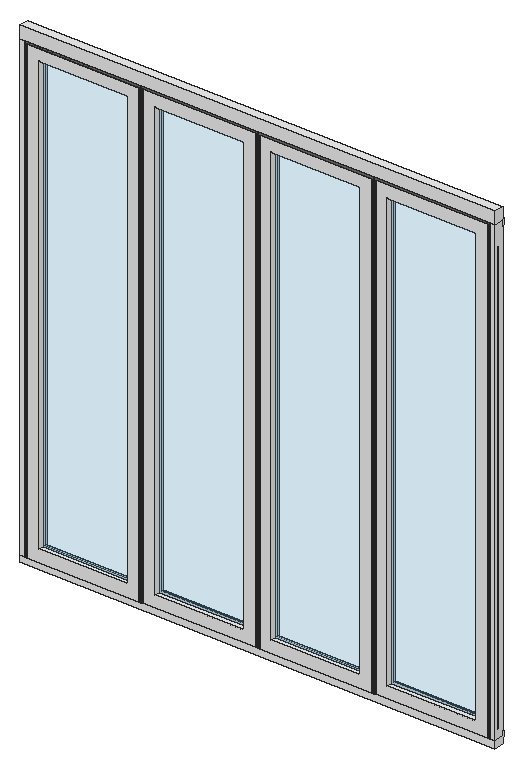
Revit family "98135", category Windows, host Wall, Revit 2018 (continued)
Definition of nested family "Right-Jamb_SL-60"
  Definition of nested family "Detailitem_RightJamb-SL60"
    Lines and regions (in)
      model lines, in view "Ref. Level"
        curve 106: arc (0.90256, -0.3937, 0) -> (0.90813, -0.39139, 0) -> (0.91043, -0.38583, 0) r 0.00787
        curve 107: arc (0.98425, 0.18549, 0) -> (0.98161, 0.19533, 0) -> (0.97441, 0.20253, 0) r 0.01969
        curve 108: arc (0.97441, -0.20253, 0) -> (0.98161, -0.19533, 0) -> (0.98425, -0.18549, 0) r 0.01969
        curve 157: arc (0.98425, -0.27207, 0) -> (0.97655, -0.25645, 0) -> (0.95947, -0.25306, 0) r 0.01969
        curve 158: arc (0.87437, -0.27586, 0) -> (0.86913, -0.28045, 0) -> (0.86959, -0.2874, 0) r 0.00787
        curve 159: arc (0.91732, -0.3937, 0) -> (0.92414, -0.38976, 0) -> (0.92414, -0.38189, 0) r 0.00787
        curve 160: arc (0.7294, -0.38189, 0) -> (0.7294, -0.38976, 0) -> (0.73622, -0.3937, 0) r 0.00787
        curve 161: arc (0.78395, -0.2874, 0) -> (0.78395, -0.27953, 0) -> (0.77714, -0.27559, 0) r 0.00787
        curve 162: arc (0.72258, -0.27559, 0) -> (0.7029, -0.28087, 0) -> (0.68849, -0.29528, 0) r 0.03937
        curve 163: arc (0.32726, -0.29528, 0) -> (0.31285, -0.28087, 0) -> (0.29317, -0.27559, 0) r 0.03937
        curve 164: arc (0.23861, -0.27559, 0) -> (0.23179, -0.27953, 0) -> (0.23179, -0.2874, 0) r 0.00787
        curve 165: arc (0.27953, -0.3937, 0) -> (0.28635, -0.38976, 0) -> (0.28635, -0.38189, 0) r 0.00787
        curve 166: arc (0.09161, -0.38189, 0) -> (0.09161, -0.38976, 0) -> (0.09843, -0.3937, 0) r 0.00787
        curve 167: arc (0.14616, -0.2874, 0) -> (0.14661, -0.28045, 0) -> (0.14138, -0.27586, 0) r 0.00787
        curve 168: arc (0.05628, -0.25306, 0) -> (0.0392, -0.25645, 0) -> (0.0315, -0.27207, 0) r 0.01969
        curve 169: arc (0.0315, -0.3937, 0) -> (0.00922, -0.40293, 0) -> (0, -0.4252, 0) r 0.0315
        curve 170: arc (1.37795, -1.09055, 0) -> (1.37219, -1.07663, 0) -> (1.35827, -1.07087, 0) r 0.01969
        curve 171: arc (1.35827, -0.8937, 0) -> (1.37219, -0.88794, 0) -> (1.37795, -0.87402, 0) r 0.01969
        curve 172: arc (1.8821, -0.74443, 0) -> (1.91589, -0.72387, 0) -> (1.92913, -0.68661, 0) r 0.05906
        curve 173: arc (1.92913, -0.6811, 0) -> (1.92567, -0.67275, 0) -> (1.91732, -0.66929, 0) r 0.01181
        curve 174: arc (1.88189, -0.66929, 0) -> (1.87354, -0.67275, 0) -> (1.87008, -0.6811, 0) r 0.01181
        curve 175: arc (1.56446, -0.60956, 0) -> (1.57185, -0.60566, 0) -> (1.5748, -0.59784, 0) r 0.01181
        curve 176: arc (1.5748, -0.54389, 0) -> (1.57185, -0.53607, 0) -> (1.56446, -0.53217, 0) r 0.01181
        curve 177: arc (1.77559, -0.46457, 0) -> (1.81102, -0.42913, 0) -> (1.77559, -0.3937, 0) r 0.03543
        curve 178: arc (0.98819, -0.82677, 0) -> (0.94086, -0.84637, 0) -> (0.92126, -0.8937, 0) r 0.06693
        curve 179: arc (1.37795, -0.70866, 0) -> (1.33063, -0.72826, 0) -> (1.31102, -0.77559, 0) r 0.06693
        curve 180: arc (0.94094, -0.56693, 0) -> (0.96878, -0.5554, 0) -> (0.98031, -0.52756, 0) r 0.03937
        curve 181: arc (2.29921, 1.22835, 0) -> (2.31313, 1.23411, 0) -> (2.3189, 1.24803, 0) r 0.01969
        curve 182: arc (1.74803, 1.2874, 0) -> (1.76533, 1.24564, 0) -> (1.80709, 1.22835, 0) r 0.05906
        curve 183: arc (1.33858, 1.35039, 0) -> (1.22723, 1.30427, 0) -> (1.1811, 1.19291, 0) r 0.15748
        curve 184: arc (1.92913, 0.68661, 0) -> (1.91589, 0.72387, 0) -> (1.8821, 0.74443, 0) r 0.05906
        curve 185: arc (1.91732, 0.66929, 0) -> (1.92567, 0.67275, 0) -> (1.92913, 0.6811, 0) r 0.01181
        curve 186: arc (1.87008, 0.6811, 0) -> (1.87354, 0.67275, 0) -> (1.88189, 0.66929, 0) r 0.01181
        curve 187: arc (1.5748, 0.59784, 0) -> (1.57185, 0.60566, 0) -> (1.56446, 0.60956, 0) r 0.01181
        curve 188: arc (1.56446, 0.53217, 0) -> (1.57185, 0.53607, 0) -> (1.5748, 0.54389, 0) r 0.01181
        curve 189: arc (1.77559, 0.3937, 0) -> (1.81102, 0.42913, 0) -> (1.77559, 0.46457, 0) r 0.03543
        curve 190: arc (0.95947, 0.25306, 0) -> (0.97655, 0.25645, 0) -> (0.98425, 0.27207, 0) r 0.01969
        curve 191: arc (0.86959, 0.2874, 0) -> (0.86913, 0.28045, 0) -> (0.87437, 0.27586, 0) r 0.00787
        curve 192: arc (0.92414, 0.38189, 0) -> (0.92414, 0.38976, 0) -> (0.91732, 0.3937, 0) r 0.00787
        curve 193: arc (0.73622, 0.3937, 0) -> (0.7294, 0.38976, 0) -> (0.7294, 0.38189, 0) r 0.00787
        curve 194: arc (0.77714, 0.27559, 0) -> (0.78395, 0.27953, 0) -> (0.78395, 0.2874, 0) r 0.00787
        curve 195: arc (0.68849, 0.29528, 0) -> (0.7029, 0.28087, 0) -> (0.72258, 0.27559, 0) r 0.03937
        curve 196: arc (0.29317, 0.27559, 0) -> (0.31285, 0.28087, 0) -> (0.32726, 0.29528, 0) r 0.03937
        curve 197: arc (0.23179, 0.2874, 0) -> (0.23179, 0.27953, 0) -> (0.23861, 0.27559, 0) r 0.00787
        curve 198: arc (0.28635, 0.38189, 0) -> (0.28635, 0.38976, 0) -> (0.27953, 0.3937, 0) r 0.00787
        curve 199: arc (0.09843, 0.3937, 0) -> (0.09161, 0.38976, 0) -> (0.09161, 0.38189, 0) r 0.00787
        curve 200: arc (0.14138, 0.27586, 0) -> (0.14661, 0.28045, 0) -> (0.14616, 0.2874, 0) r 0.00787
        curve 201: arc (0.0315, 0.27207, 0) -> (0.0392, 0.25645, 0) -> (0.05628, 0.25306, 0) r 0.01969
        curve 202: arc (0, 0.4252, 0) -> (0.00922, 0.40293, 0) -> (0.0315, 0.3937, 0) r 0.0315
        curve 203: arc (1.06299, 1.15354, 0) -> (1.09083, 1.16507, 0) -> (1.10236, 1.19291, 0) r 0.03937
        curve 204: arc (1.33858, 1.42913, 0) -> (1.17155, 1.35995, 0) -> (1.10236, 1.19291, 0) r 0.23622
        curve 205: arc (2.55898, 1.24978, 0) -> (2.49577, 1.37753, 0) -> (2.36291, 1.42913, 0) r 0.19685
        curve 206: arc (2.53937, 1.22835, 0) -> (2.55389, 1.23475, 0) -> (2.55898, 1.24978, 0) r 0.01969
        curve 207: arc (2.44094, 1.24803, 0) -> (2.44671, 1.23411, 0) -> (2.46063, 1.22835, 0) r 0.01969
        curve 208: arc (0.98031, 0.51181, 0) -> (0.96878, 0.53965, 0) -> (0.94094, 0.55118, 0) r 0.03937
        curve 209: arc (1.11417, 0.77559, 0) -> (1.13378, 0.72826, 0) -> (1.1811, 0.70866, 0) r 0.06693
        curve 210: arc (0.94094, 0.97638, 0) -> (0.96878, 0.98791, 0) -> (0.98031, 1.01575, 0) r 0.03937
        curve 331: line (0.0315, 0.3937, 0) -> (0.0315, 0.27207, 0)
        curve 332: line (0.0315, 0.27207, 0) -> (0.0315, 0.3937, 0)
        curve 333: line (0.28635, 0.38189, 0) -> (0.23179, 0.2874, 0)
        curve 334: line (0.23179, 0.2874, 0) -> (0.28635, 0.38189, 0)
        curve 335: line (0.32726, 0.29528, 0) -> (0.38409, 0.3937, 0)
        curve 336: line (0.38409, 0.3937, 0) -> (0.63166, 0.3937, 0)
        curve 337: line (0.63166, 0.3937, 0) -> (0.68849, 0.29528, 0)
        curve 338: line (0.68849, 0.29528, 0) -> (0.63166, 0.3937, 0)
        curve 339: line (0.63166, 0.3937, 0) -> (0.38409, 0.3937, 0)
        curve 340: line (0.38409, 0.3937, 0) -> (0.32726, 0.29528, 0)
        curve 341: line (0.92414, 0.38189, 0) -> (0.86959, 0.2874, 0)
        curve 342: line (0.86959, 0.2874, 0) -> (0.92414, 0.38189, 0)
        curve 343: line (0.05628, 0.25306, 0) -> (0.14138, 0.27586, 0)
        curve 344: line (0.14138, 0.27586, 0) -> (0.05628, 0.25306, 0)
        curve 345: line (0.73622, 0.3937, 0) -> (0.91732, 0.3937, 0)
        curve 346: line (0.91732, 0.3937, 0) -> (0.73622, 0.3937, 0)
        curve 347: line (0.09843, 0.3937, 0) -> (0.27953, 0.3937, 0)
        curve 348: line (0.27953, 0.3937, 0) -> (0.09843, 0.3937, 0)
        curve 349: line (1.77559, 0.3937, 0) -> (0.98425, 0.3937, 0)
        curve 350: line (0.98425, 0.3937, 0) -> (0.98425, 0.27207, 0)
        curve 351: line (0.98425, 0.27207, 0) -> (0.98425, 0.3937, 0)
        curve 352: line (0.72258, 0.27559, 0) -> (0.77714, 0.27559, 0)
        curve 353: line (0.77714, 0.27559, 0) -> (0.72258, 0.27559, 0)
        curve 354: line (0.23861, 0.27559, 0) -> (0.29317, 0.27559, 0)
        curve 355: line (0.29317, 0.27559, 0) -> (0.23861, 0.27559, 0)
        curve 356: line (0.87437, 0.27586, 0) -> (0.95947, 0.25306, 0)
        curve 357: line (0.95947, 0.25306, 0) -> (0.87437, 0.27586, 0)
        curve 358: line (0.78395, 0.2874, 0) -> (0.7294, 0.38189, 0)
        curve 359: line (0.7294, 0.38189, 0) -> (0.78395, 0.2874, 0)
        curve 360: line (0.14616, 0.2874, 0) -> (0.09161, 0.38189, 0)
        curve 361: line (0.09161, 0.38189, 0) -> (0.14616, 0.2874, 0)
        curve 362: line (0.0315, -0.3937, 0) -> (0.0315, -0.27207, 0)
        curve 363: line (0.0315, -0.27207, 0) -> (0.0315, -0.3937, 0)
        curve 364: line (0.14616, -0.2874, 0) -> (0.09161, -0.38189, 0)
        curve 365: line (0.09161, -0.38189, 0) -> (0.14616, -0.2874, 0)
        curve 366: line (1.77559, -0.3937, 0) -> (0.98425, -0.3937, 0)
        curve 367: line (0.98425, -0.3937, 0) -> (0.98425, -0.27207, 0)
        curve 368: line (0.98425, -0.27207, 0) -> (0.98425, -0.3937, 0)
        curve 369: line (0.32726, -0.29528, 0) -> (0.38409, -0.3937, 0)
        curve 370: line (0.38409, -0.3937, 0) -> (0.63166, -0.3937, 0)
        curve 371: line (0.63166, -0.3937, 0) -> (0.68849, -0.29528, 0)
        curve 372: line (0.68849, -0.29528, 0) -> (0.63166, -0.3937, 0)
        curve 373: line (0.63166, -0.3937, 0) -> (0.38409, -0.3937, 0)
        curve 374: line (0.38409, -0.3937, 0) -> (0.32726, -0.29528, 0)
        curve 375: line (0.78395, -0.2874, 0) -> (0.7294, -0.38189, 0)
        curve 376: line (0.7294, -0.38189, 0) -> (0.78395, -0.2874, 0)
        curve 377: line (0.87437, -0.27586, 0) -> (0.95947, -0.25306, 0)
        curve 378: line (0.95947, -0.25306, 0) -> (0.87437, -0.27586, 0)
        curve 379: line (0.72258, -0.27559, 0) -> (0.77714, -0.27559, 0)
        curve 380: line (0.77714, -0.27559, 0) -> (0.72258, -0.27559, 0)
        curve 381: line (0.23861, -0.27559, 0) -> (0.29317, -0.27559, 0)
        curve 382: line (0.29317, -0.27559, 0) -> (0.23861, -0.27559, 0)
        curve 383: line (0.73622, -0.3937, 0) -> (0.91732, -0.3937, 0)
        curve 384: line (0.91732, -0.3937, 0) -> (0.73622, -0.3937, 0)
        curve 385: line (0.09843, -0.3937, 0) -> (0.27953, -0.3937, 0)
        curve 386: line (0.27953, -0.3937, 0) -> (0.09843, -0.3937, 0)
        curve 387: line (0.92414, -0.38189, 0) -> (0.86959, -0.2874, 0)
        curve 388: line (0.86959, -0.2874, 0) -> (0.92414, -0.38189, 0)
        curve 389: line (0.05628, -0.25306, 0) -> (0.14138, -0.27586, 0)
        curve 390: line (0.14138, -0.27586, 0) -> (0.05628, -0.25306, 0)
        curve 391: line (0.28635, -0.38189, 0) -> (0.23179, -0.2874, 0)
        curve 392: line (0.23179, -0.2874, 0) -> (0.28635, -0.38189, 0)
        curve 393: line (0.0315, 0.18549, 0) -> (0.0315, -0.18549, 0)
        curve 394: line (0.09941, -0.12866, 0) -> (0.09941, 0.12866, 0)
        curve 395: line (0.10531, 0.38583, 0) -> (0.10531, 0.36457, 0)
        curve 396: line (0.10531, 0.36457, 0) -> (0.14961, 0.28785, 0)
        curve 397: line (0.14961, 0.28785, 0) -> (0.14961, 0.27811, 0)
        curve 398: line (0.14961, -0.27811, 0) -> (0.14961, -0.28785, 0)
        curve 399: line (0.14961, -0.28785, 0) -> (0.10531, -0.36457, 0)
        curve 400: line (0.10531, -0.36457, 0) -> (0.10531, -0.38583, 0)
        curve 401: line (0.27264, -0.38583, 0) -> (0.27264, -0.36457, 0)
        curve 402: line (0.27264, -0.36457, 0) -> (0.22835, -0.28785, 0)
        curve 403: line (0.22835, -0.28785, 0) -> (0.22835, -0.24856, 0)
        curve 404: line (0.22835, 0.24856, 0) -> (0.22835, 0.28785, 0)
        curve 405: line (0.22835, 0.28785, 0) -> (0.27264, 0.36457, 0)
        curve 406: line (0.27264, 0.36457, 0) -> (0.27264, 0.38583, 0)
        curve 407: line (0.13976, 0.26106, 0) -> (0.04134, 0.20253, 0)
        curve 408: line (0.11909, 0.16275, 0) -> (0.20866, 0.21447, 0)
        curve 409: line (0.26476, 0.3937, 0) -> (0.11319, 0.3937, 0)
        curve 410: line (0.11319, -0.3937, 0) -> (0.26476, -0.3937, 0)
        curve 411: line (0.20866, -0.21447, 0) -> (0.11909, -0.16275, 0)
        curve 412: line (0.04134, -0.20253, 0) -> (0.13976, -0.26106, 0)
        curve 413: line (0.74311, 0.38583, 0) -> (0.74311, 0.36457, 0)
        curve 414: line (0.74311, 0.36457, 0) -> (0.7874, 0.28785, 0)
        curve 415: line (0.7874, 0.28785, 0) -> (0.7874, 0.24856, 0)
        curve 416: line (0.7874, -0.24856, 0) -> (0.7874, -0.28785, 0)
        curve 417: line (0.7874, -0.28785, 0) -> (0.74311, -0.36457, 0)
        curve 418: line (0.74311, -0.36457, 0) -> (0.74311, -0.38583, 0)
        curve 419: line (0.91043, -0.38583, 0) -> (0.91043, -0.36457, 0)
        curve 420: line (0.91043, -0.36457, 0) -> (0.86614, -0.28785, 0)
        curve 421: line (0.86614, -0.28785, 0) -> (0.86614, -0.27811, 0)
        curve 422: line (0.86614, 0.27811, 0) -> (0.86614, 0.28785, 0)
        curve 423: line (0.86614, 0.28785, 0) -> (0.91043, 0.36457, 0)
        curve 424: line (0.91043, 0.36457, 0) -> (0.91043, 0.38583, 0)
        curve 425: line (0.91634, 0.12866, 0) -> (0.91634, -0.12866, 0)
        curve 426: line (0.90256, 0.3937, 0) -> (0.75098, 0.3937, 0)
        curve 427: line (0.98425, -0.18549, 0) -> (0.98425, 0.18549, 0)
        curve 428: line (0.97441, 0.20253, 0) -> (0.87598, 0.26106, 0)
        curve 429: line (0.89665, -0.16275, 0) -> (0.80709, -0.21447, 0)
        curve 430: line (0.87598, -0.26106, 0) -> (0.97441, -0.20253, 0)
        curve 431: line (0.80709, 0.21447, 0) -> (0.89665, 0.16275, 0)
        curve 432: line (0.75098, -0.3937, 0) -> (0.90256, -0.3937, 0)
        curve 518: line (0, -0.4252, 0) -> (0, -0.60229, 0)
        curve 519: line (0, -0.60229, 0) -> (0.05906, -0.61811, 0)
        curve 520: line (0.05906, -0.61811, 0) -> (0.05906, -0.47244, 0)
        curve 521: line (0.05906, -0.47244, 0) -> (0.19685, -0.47244, 0)
        curve 522: line (0.19685, -0.47244, 0) -> (0.19685, -0.7945, 0)
        curve 523: line (0.19685, -0.7945, 0) -> (0.20866, -0.81496, 0)
        curve 524: line (0.20866, -0.81496, 0) -> (0.19685, -0.83542, 0)
        curve 525: line (0.19685, -0.83542, 0) -> (0.19685, -1.09055, 0)
        curve 526: line (0.19685, -1.09055, 0) -> (0.05906, -1.09055, 0)
        curve 527: line (0.05906, -1.09055, 0) -> (0.05906, -1.01181, 0)
        curve 528: line (0.05906, -1.01181, 0) -> (0, -1.02763, 0)
        curve 529: line (0, -1.02763, 0) -> (0, -1.16929, 0)
        curve 530: line (0, -1.16929, 0) -> (1.37795, -1.16929, 0)
        curve 531: line (1.37795, -1.16929, 0) -> (1.37795, -1.09055, 0)
        curve 532: line (1.35827, -1.07087, 0) -> (1.33858, -1.07087, 0)
        curve 533: line (1.33858, -1.07087, 0) -> (1.33858, -1.11024, 0)
        curve 534: line (1.33858, -1.11024, 0) -> (1.27953, -1.11024, 0)
        curve 535: line (1.27953, -1.11024, 0) -> (1.24016, -1.07087, 0)
        curve 536: line (1.24016, -1.07087, 0) -> (0.98819, -1.07087, 0)
        curve 537: line (0.98819, -1.07087, 0) -> (0.98819, -0.8937, 0)
        curve 538: line (0.98819, -0.8937, 0) -> (1.24016, -0.8937, 0)
        curve 539: line (1.24016, -0.8937, 0) -> (1.27953, -0.85433, 0)
        curve 540: line (1.27953, -0.85433, 0) -> (1.33858, -0.85433, 0)
        curve 541: line (1.33858, -0.85433, 0) -> (1.33858, -0.8937, 0)
        curve 542: line (1.33858, -0.8937, 0) -> (1.35827, -0.8937, 0)
        curve 543: line (1.37795, -0.87402, 0) -> (1.37795, -0.77559, 0)
        curve 544: line (1.37795, -0.77559, 0) -> (1.73228, -0.77559, 0)
        curve 545: line (1.73228, -0.77559, 0) -> (1.8821, -0.74443, 0)
        curve 546: line (1.91732, -0.66929, 0) -> (1.88189, -0.66929, 0)
        curve 547: line (1.87008, -0.68661, 0) -> (1.79531, -0.70216, 0)
        curve 548: line (1.79531, -0.70216, 0) -> (1.65354, -0.67717, 0)
        curve 549: line (1.65354, -0.67717, 0) -> (1.49606, -0.67717, 0)
        curve 550: line (1.49606, -0.67717, 0) -> (1.49606, -0.61811, 0)
        curve 551: line (1.49606, -0.61811, 0) -> (1.56446, -0.60956, 0)
        curve 552: line (1.5748, -0.59784, 0) -> (1.5748, -0.54389, 0)
        curve 553: line (1.56446, -0.53217, 0) -> (1.49606, -0.52362, 0)
        curve 554: line (1.49606, -0.52362, 0) -> (1.49606, -0.46457, 0)
        curve 555: line (1.49606, -0.46457, 0) -> (1.77559, -0.46457, 0)
        curve 556: line (0.98819, -0.82677, 0) -> (1.21243, -0.82677, 0)
        curve 557: line (1.21243, -0.82677, 0) -> (1.2518, -0.7874, 0)
        curve 558: line (1.2518, -0.7874, 0) -> (1.31102, -0.7874, 0)
        curve 559: line (1.31102, -0.7874, 0) -> (1.31102, -0.77559, 0)
        curve 560: line (1.37795, -0.70866, 0) -> (1.42913, -0.70866, 0)
        curve 561: line (1.42913, -0.70866, 0) -> (1.42913, -0.47244, 0)
        curve 562: line (1.42913, -0.47244, 0) -> (0.98031, -0.47244, 0)
        curve 563: line (0.98031, -0.47244, 0) -> (0.98031, -0.52756, 0)
        curve 564: line (0.94094, -0.56693, 0) -> (0.92126, -0.56693, 0)
        curve 565: line (0.92126, -0.56693, 0) -> (0.92126, -0.48819, 0)
        curve 566: line (0.92126, -0.48819, 0) -> (0.84252, -0.48819, 0)
        curve 567: line (0.84252, -0.48819, 0) -> (0.84252, -0.47244, 0)
        curve 568: line (0.84252, -0.47244, 0) -> (0.33858, -0.47244, 0)
        curve 569: line (0.33858, -0.47244, 0) -> (0.33858, -0.48819, 0)
        curve 570: line (0.33858, -0.48819, 0) -> (0.25984, -0.48819, 0)
        curve 571: line (0.25984, -0.48819, 0) -> (0.25984, -1.07087, 0)
        curve 572: line (0.25984, -1.07087, 0) -> (0.33858, -1.07087, 0)
        curve 573: line (0.33858, -1.07087, 0) -> (0.33858, -1.09055, 0)
        curve 574: line (0.33858, -1.09055, 0) -> (0.84252, -1.09055, 0)
        curve 575: line (0.84252, -1.09055, 0) -> (0.84252, -1.07087, 0)
        curve 576: line (0.84252, -1.07087, 0) -> (0.92126, -1.07087, 0)
        curve 577: line (0.92126, -1.07087, 0) -> (0.92126, -0.8937, 0)
        curve 578: line (2.29921, 1.22835, 0) -> (2.13386, 1.22835, 0)
        curve 579: line (2.13386, 1.22835, 0) -> (2.13386, 1.26378, 0)
        curve 580: line (2.13386, 1.26378, 0) -> (2.2126, 1.26378, 0)
        curve 581: line (2.2126, 1.26378, 0) -> (2.2126, 1.35039, 0)
        curve 582: line (2.2126, 1.35039, 0) -> (1.80709, 1.35039, 0)
        curve 583: line (1.80709, 1.35039, 0) -> (1.80709, 1.26378, 0)
        curve 584: line (1.80709, 1.26378, 0) -> (1.88583, 1.26378, 0)
        curve 585: line (1.88583, 1.26378, 0) -> (1.88583, 1.22835, 0)
        curve 586: line (1.88583, 1.22835, 0) -> (1.80709, 1.22835, 0)
        curve 587: line (1.74803, 1.2874, 0) -> (1.74803, 1.35039, 0)
        curve 588: line (1.74803, 1.35039, 0) -> (1.33858, 1.35039, 0)
        curve 589: line (1.1811, 1.19291, 0) -> (1.1811, 0.77559, 0)
        curve 590: line (1.1811, 0.77559, 0) -> (1.73228, 0.77559, 0)
        curve 591: line (1.73228, 0.77559, 0) -> (1.8821, 0.74443, 0)
        curve 592: line (1.91732, 0.66929, 0) -> (1.88189, 0.66929, 0)
        curve 593: line (1.87008, 0.68661, 0) -> (1.79531, 0.70216, 0)
        curve 594: line (1.79531, 0.70216, 0) -> (1.65354, 0.67717, 0)
        curve 595: line (1.65354, 0.67717, 0) -> (1.49606, 0.67717, 0)
        curve 596: line (1.49606, 0.67717, 0) -> (1.49606, 0.61811, 0)
        curve 597: line (1.49606, 0.61811, 0) -> (1.56446, 0.60956, 0)
        curve 598: line (1.5748, 0.59784, 0) -> (1.5748, 0.54389, 0)
        curve 599: line (1.56446, 0.53217, 0) -> (1.49606, 0.52362, 0)
        curve 600: line (1.49606, 0.52362, 0) -> (1.49606, 0.46457, 0)
        curve 601: line (1.49606, 0.46457, 0) -> (1.77559, 0.46457, 0)
        curve 602: line (0, 0.4252, 0) -> (0, 0.58654, 0)
        curve 603: line (0, 0.58654, 0) -> (0.05906, 0.60236, 0)
        curve 604: line (0.05906, 0.60236, 0) -> (0.05906, 0.47244, 0)
        curve 605: line (0.05906, 0.47244, 0) -> (0.19685, 0.47244, 0)
        curve 606: line (0.19685, 0.47244, 0) -> (0.19685, 0.77876, 0)
        curve 607: line (0.19685, 0.77876, 0) -> (0.20866, 0.79921, 0)
        curve 608: line (0.20866, 0.79921, 0) -> (0.19685, 0.81967, 0)
        curve 609: line (0.19685, 0.81967, 0) -> (0.19685, 1.0748, 0)
        curve 610: line (0.19685, 1.0748, 0) -> (0.05906, 1.0748, 0)
        curve 611: line (0.05906, 1.0748, 0) -> (0.05906, 0.99606, 0)
        curve 612: line (0.05906, 0.99606, 0) -> (0, 1.01189, 0)
        curve 613: line (0, 1.01189, 0) -> (0, 1.15354, 0)
        curve 614: line (0, 1.15354, 0) -> (1.06299, 1.15354, 0)
        curve 615: line (1.33858, 1.42913, 0) -> (2.36291, 1.42913, 0)
        curve 616: line (2.53937, 1.22835, 0) -> (2.46063, 1.22835, 0)
        curve 617: line (2.44094, 1.24803, 0) -> (2.44094, 1.26772, 0)
        curve 618: line (2.44094, 1.26772, 0) -> (2.48819, 1.26772, 0)
        curve 619: line (2.48819, 1.26772, 0) -> (2.48819, 1.3189, 0)
        curve 620: line (2.48819, 1.3189, 0) -> (2.44094, 1.3189, 0)
        curve 621: line (2.44094, 1.3189, 0) -> (2.44094, 1.35039, 0)
        curve 622: line (2.44094, 1.35039, 0) -> (2.3189, 1.35039, 0)
        curve 623: line (2.3189, 1.35039, 0) -> (2.3189, 1.3189, 0)
        curve 624: line (2.3189, 1.3189, 0) -> (2.27165, 1.3189, 0)
        curve 625: line (2.27165, 1.3189, 0) -> (2.27165, 1.26772, 0)
        curve 626: line (2.27165, 1.26772, 0) -> (2.3189, 1.26772, 0)
        curve 627: line (2.3189, 1.26772, 0) -> (2.3189, 1.24803, 0)
        curve 628: line (0.98031, 0.51181, 0) -> (0.98031, 0.47244, 0)
        curve 629: line (0.98031, 0.47244, 0) -> (1.42913, 0.47244, 0)
        curve 630: line (1.42913, 0.47244, 0) -> (1.42913, 0.70866, 0)
        curve 631: line (1.42913, 0.70866, 0) -> (1.1811, 0.70866, 0)
        curve 632: line (1.11417, 0.77559, 0) -> (1.11417, 1.0748, 0)
        curve 633: line (1.11417, 1.0748, 0) -> (0.98031, 1.0748, 0)
        curve 634: line (0.98031, 1.0748, 0) -> (0.98031, 1.01575, 0)
        curve 635: line (0.94094, 0.97638, 0) -> (0.92126, 0.97638, 0)
        curve 636: line (0.92126, 0.97638, 0) -> (0.92126, 1.05512, 0)
        curve 637: line (0.92126, 1.05512, 0) -> (0.84252, 1.05512, 0)
        curve 638: line (0.84252, 1.05512, 0) -> (0.84252, 1.0748, 0)
        curve 639: line (0.84252, 1.0748, 0) -> (0.33858, 1.0748, 0)
        curve 640: line (0.33858, 1.0748, 0) -> (0.33858, 1.05512, 0)
        curve 641: line (0.33858, 1.05512, 0) -> (0.25984, 1.05512, 0)
        curve 642: line (0.25984, 1.05512, 0) -> (0.25984, 0.47244, 0)
        curve 643: line (0.25984, 0.47244, 0) -> (0.92126, 0.47244, 0)
        curve 644: line (0.92126, 0.47244, 0) -> (0.92126, 0.55118, 0)
        curve 645: line (0.92126, 0.55118, 0) -> (0.94094, 0.55118, 0)
      detail lines, in view "Ref. Level", visible <- "Half"
        curve 847: arc (3.66639, -0.42126, 0) -> (3.71883, -0.38655, 0) -> (3.77984, -0.40177, 0) r 0.07805
    Dimensions and locks (in)
      aligned: curve 847 to curve 834
      aligned: curve 819 to curve 847
Definition of nested family "Left-Jamb_SL-60"
  Parameters
    Width = 12"
    Right Jamb = none
    Height = 107 31/128"
    Half = yes
    Assembly Code = ""
  Reference planes (in)
    plane 1 "Center (Front/Back)": y = 0
    plane 2: z = 0
    plane 3 "Center (Left/Right)": x = -7.30207
    plane 4 "Top": z = 107.24219
    plane 5: z = 106.0625
    plane 6: z = 1.04297
  Forms (in)
    Sweep 1, solid, material <- "Right Jamb"
      path origin (-7.30207, 0, 0) x (0, 1, 0) y (0, 0, -1)
        loop
          line (0, -107.24219) -> (0, 0)
      profile "Profile_Right-Jamb_SL-60 : Profile_Right-Jamb_SL-60" origin (-7.30207, 0, 53.62109) x (0, -1, 0) y (-1, 0, 0)
        loop
          line (-1.15354, 0) -> (-1.15354, -1.1875) -> (1.16929, -1.1875) -> (1.16929, 0) -> (-1.15354, 0)
    Extrusion 2, solid, material <- "Right Jamb"
      sketch origin (0, 0, 0) x (1, 0, 0) y (0, 1, 0)
        loop
          line (-6.23908, 1.15354) -> (-6.23908, 1.0748) -> (-6.11457, 1.0748) -> (-6.11457, 1.16929) -> (-4.74309, 1.16929) -> (-4.74309, 1.24978)
          arc (-4.74309, 1.24978) -> (-4.74631, 1.27177) -> (-4.75199, 1.29325) r 0.19685
          arc (-4.75199, 1.29325) -> (-4.7615, 1.31705) -> (-4.77401, 1.3394) r 0.19685
          arc (-4.77401, 1.3394) -> (-4.78927, 1.35988) -> (-4.80704, 1.37821) r 0.19685
          arc (-4.80704, 1.37821) -> (-4.83065, 1.39652) -> (-4.85676, 1.41106) r 0.19685
          arc (-4.85676, 1.41106) -> (-4.87964, 1.41992) -> (-4.90345, 1.42587) r 0.19685
          arc (-4.90345, 1.42587) -> (-4.92123, 1.42832) -> (-4.93916, 1.42913) r 0.19685
          line (-4.93916, 1.42913) -> (-5.96349, 1.42913)
          arc (-5.96349, 1.42913) -> (-5.97885, 1.42863) -> (-5.99415, 1.42714) r 0.23622
          arc (-5.99415, 1.42714) -> (-6.01061, 1.42439) -> (-6.02683, 1.42048) r 0.23622
          arc (-6.02683, 1.42048) -> (-6.07265, 1.40239) -> (-6.11373, 1.3752) r 0.23622
          arc (-6.11373, 1.3752) -> (-6.12684, 1.36355) -> (-6.13905, 1.35096) r 0.23622
          arc (-6.13905, 1.35096) -> (-6.15402, 1.33254) -> (-6.16708, 1.31271) r 0.23622
          arc (-6.16708, 1.31271) -> (-6.17689, 1.2942) -> (-6.18503, 1.27489) r 0.23622
          arc (-6.18503, 1.27489) -> (-6.19169, 1.25394) -> (-6.19637, 1.23246) r 0.23622
          arc (-6.19637, 1.23246) -> (-6.19887, 1.21276) -> (-6.19971, 1.19291) r 0.23622
          arc (-6.19971, 1.19291) -> (-6.21124, 1.16507) -> (-6.23908, 1.15354) r 0.03937
      from 1.04297 to 106.0625
  Cuts and joins
    joined: Sweep 1, Extrusion 2
  Lines and regions (in)
    Masking region 1
      outline origin (0, 0, 0) x (1, 0, 0) y (0, 1, 0)
        loop
          line (-6.23908, 1.15354) -> (-7.30207, 1.15354) -> (-7.30207, -1.16929) -> (-6.11457, -1.16929) -> (-6.11457, 1.16929) -> (-4.74309, 1.16929) -> (-4.74309, 1.24978)
          arc (-4.74309, 1.24978) -> (-4.8063, 1.37753) -> (-4.93916, 1.42913) r 0.19685
          line (-4.93916, 1.42913) -> (-5.96349, 1.42913)
          arc (-5.96349, 1.42913) -> (-6.13052, 1.35995) -> (-6.19971, 1.19291) r 0.23622
          arc (-6.19971, 1.19291) -> (-6.21124, 1.16507) -> (-6.23908, 1.15354) r 0.03937
  Dimensions and locks (in)
    "Height": plane 4 "Top" to level
    plane 4 "Top" to level = 107 31/128"
    locked: plane 5 to plane 4 "Top" at 1.17969
    locked: plane 6 to level at 1.04297
    aligned and locked: Sweep 1 sketch curve to plane 1 "Center (Front/Back)"
    aligned and locked: plane 4 "Top" to Sweep 1 sketch curve
    aligned and locked: level to Sweep 1 sketch curve
    aligned and locked: Extrusion 2 sketch curve to Sweep 1
    aligned and locked: plane 5 to Extrusion 2
    aligned and locked: plane 6 to cut or joined group of Sweep 1, Extrusion 2
    aligned and locked: plane 3 "Center (Left/Right)" to nested 1
    aligned and locked: plane 1 "Center (Front/Back)" to nested 1
    aligned and locked: Masking region 1 sketch curve to plane 3 "Center (Left/Right)"
  Automatic sketch dimensions
    Extrusion 2 sketch curve to Extrusion 2 sketch curve = 0"  (x29)
    Extrusion 2 sketch curve to Extrusion 2 sketch curve = 0.03937"
    Extrusion 2 sketch curve to Extrusion 2 sketch curve = 0.00333"
    Extrusion 2 sketch curve to Extrusion 2 sketch curve = 0.01135"
    Extrusion 2 sketch curve to Extrusion 2 sketch curve = 0.01795"
    Extrusion 2 sketch curve to Extrusion 2 sketch curve = 0.02803"
    Extrusion 2 sketch curve to Extrusion 2 sketch curve = 0.02532"
    Extrusion 2 sketch curve to Extrusion 2 sketch curve = 0.08689"
    Extrusion 2 sketch curve to Extrusion 2 sketch curve = 0.03269"
    Extrusion 2 sketch curve to Extrusion 2 sketch curve = 1.02432"
    Extrusion 2 sketch curve to Extrusion 2 sketch curve = 0.19607"
    Extrusion 2 sketch curve to plane 1 "Center (Front/Back)" = 1.0748"
    Extrusion 2 sketch curve to Extrusion 2 sketch curve = 0.19685"
    Extrusion 2 sketch curve to Extrusion 2 sketch curve = 0.06299"
    Extrusion 2 sketch curve to Extrusion 2 sketch curve = 0.08514"
    Extrusion 2 sketch curve to Extrusion 2 sketch curve = 0.02362"
    Extrusion 2 sketch curve to Extrusion 2 sketch curve = 0.07874"
    Extrusion 2 sketch curve to Extrusion 2 sketch curve = 0.0089"
    Extrusion 2 sketch curve to Extrusion 2 sketch curve = 0.02202"
    Extrusion 2 sketch curve to Extrusion 2 sketch curve = 0.03303"
    Extrusion 2 sketch curve to Extrusion 2 sketch curve = 0.04972"
    Extrusion 2 sketch curve to Extrusion 2 sketch curve = 0.03571"
    plane 3 "Center (Left/Right)" to Masking region 1 sketch curve = 1.06299"
    Masking region 1 sketch curve to Masking region 1 sketch curve = 0.03937"
    Masking region 1 sketch curve to Masking region 1 sketch curve = 0"
    Masking region 1 sketch curve to Masking region 1 sketch curve = 0.08514"
    Masking region 1 sketch curve to Masking region 1 sketch curve = 0.15108"
    Masking region 1 sketch curve to Masking region 1 sketch curve = 1.02432"
    Masking region 1 sketch curve to Masking region 1 sketch curve = 0.19607"
    plane 1 "Center (Front/Back)" to Masking region 1 sketch curve = 1.16929"
    Masking region 1 sketch curve to plane 1 "Center (Front/Back)" = 1.15354"
    Masking region 1 sketch curve to Masking region 1 sketch curve = 0.02362"
    Masking region 1 sketch curve to Masking region 1 sketch curve = 0.08049"
  Nested families (in)
    nested 1: "Detailitem_LeftJamb-SL60" at (-7.30207, 0, 0), type "Detailitem_LeftJamb-SL60", detail levels fine
  Definition of nested family "Detailitem_LeftJamb-SL60"
    Parameters
      SmartBIM Object Version = 1  # constant formula
      SmartBIM Object Created By = "Reed Construction Data"  # constant formula
      Half = yes
      Assembly Code = ""
      95 CSI = ""
      04 CSI = ""
    Reference planes (in)
      plane 1 "Center (Front/Back)": y = 0
      plane 2: z = 0
      plane 3 "Center (Left/Right)": x = 0
    Lines and regions (in)
      model lines, in view "Ref. Level", visible <- "Half"
        curve 1: arc (3.94042, -0.43307, 0) -> (3.93696, -0.42472, 0) -> (3.92861, -0.42126, 0) r 0.01181
        curve 2: arc (4.23176, -0.42126, 0) -> (4.22341, -0.42472, 0) -> (4.21995, -0.43307, 0) r 0.01181
        curve 3: arc (4.25145, -0.64961, 0) -> (4.23991, -0.62177, 0) -> (4.21208, -0.61024, 0) r 0.03937
        curve 4: arc (3.84593, -0.57087, 0) -> (3.85747, -0.5987, 0) -> (3.8853, -0.61024, 0) r 0.03937
        curve 5: arc (3.46457, -1.14961, 0) -> (3.47638, -1.12598, 0) -> (3.46457, -1.10236, 0) r 0.02953
        curve 6: arc (3.24409, -0.95276, 0) -> (3.25563, -0.98059, 0) -> (3.28346, -0.99213, 0) r 0.03937
        curve 7: arc (3.24409, -0.9311, 0) -> (3.2126, -0.89961, 0) -> (3.1811, -0.9311, 0) r 0.0315
        curve 8: arc (3.1811, -0.9685, 0) -> (3.20416, -1.02418, 0) -> (3.25984, -1.04724, 0) r 0.07874
        curve 9: arc (3.41367, -1.09083, 0) -> (3.42644, -1.09937, 0) -> (3.4415, -1.10236, 0) r 0.03937
        curve 10: arc (4.21208, -1.10236, 0) -> (4.23991, -1.09083, 0) -> (4.25145, -1.06299, 0) r 0.03937
        curve 11: arc (2.41142, 0.28127, 0) -> (2.40421, 0.27407, 0) -> (2.40157, 0.26423, 0) r 0.01969
        curve 12: arc (2.48327, 0.47244, 0) -> (2.4777, 0.47013, 0) -> (2.47539, 0.46457, 0) r 0.00787
        curve 13: arc (2.64272, 0.46457, 0) -> (2.64041, 0.47013, 0) -> (2.63484, 0.47244, 0) r 0.00787
        curve 14: arc (2.57874, 0.29321, 0) -> (2.59315, 0.30762, 0) -> (2.59843, 0.3273, 0) r 0.03937
        curve 15: arc (2.59843, -0.3273, 0) -> (2.59315, -0.30762, 0) -> (2.57874, -0.29321, 0) r 0.03937
        curve 16: arc (2.63484, -0.47244, 0) -> (2.64041, -0.47013, 0) -> (2.64272, -0.46457, 0) r 0.00787
        curve 17: arc (2.47539, -0.46457, 0) -> (2.4777, -0.47013, 0) -> (2.48327, -0.47244, 0) r 0.00787
        curve 18: arc (2.40157, -0.26423, 0) -> (2.40421, -0.27407, 0) -> (2.41142, -0.28127, 0) r 0.01969
        curve 19: arc (2.51969, -0.35685, 0) -> (2.51705, -0.34701, 0) -> (2.50984, -0.3398, 0) r 0.01969
        curve 20: arc (2.50984, 0.3398, 0) -> (2.51705, 0.34701, 0) -> (2.51969, 0.35685, 0) r 0.01969
        curve 21: arc (2.49311, 0.24377, 0) -> (2.4787, 0.22936, 0) -> (2.47343, 0.20967, 0) r 0.03937
        curve 22: arc (2.47343, -0.20967, 0) -> (2.4787, -0.22936, 0) -> (2.49311, -0.24377, 0) r 0.03937
        curve 23: arc (2.46168, -0.46063, 0) -> (2.46168, -0.4685, 0) -> (2.4685, -0.47244, 0) r 0.00787
        curve 24: arc (2.51624, -0.36614, 0) -> (2.51669, -0.35919, 0) -> (2.51146, -0.3546, 0) r 0.00787
        curve 25: arc (2.42635, -0.3318, 0) -> (2.40928, -0.33519, 0) -> (2.40157, -0.35081, 0) r 0.01969
        curve 26: arc (3.46457, -0.35081, 0) -> (3.45687, -0.33519, 0) -> (3.43979, -0.3318, 0) r 0.01969
        curve 27: arc (3.35469, -0.3546, 0) -> (3.34945, -0.35919, 0) -> (3.3499, -0.36614, 0) r 0.00787
        curve 28: arc (3.39764, -0.47244, 0) -> (3.40446, -0.4685, 0) -> (3.40446, -0.46063, 0) r 0.00787
        curve 29: arc (3.20972, -0.46063, 0) -> (3.20972, -0.4685, 0) -> (3.21654, -0.47244, 0) r 0.00787
        curve 30: arc (3.26427, -0.36614, 0) -> (3.26427, -0.35827, 0) -> (3.25745, -0.35433, 0) r 0.00787
        curve 31: arc (3.2029, -0.35433, 0) -> (3.18321, -0.35961, 0) -> (3.1688, -0.37402, 0) r 0.03937
        curve 32: arc (2.69734, -0.37402, 0) -> (2.68293, -0.35961, 0) -> (2.66324, -0.35433, 0) r 0.03937
        curve 33: arc (2.60869, -0.35433, 0) -> (2.60187, -0.35827, 0) -> (2.60187, -0.36614, 0) r 0.00787
        curve 34: arc (2.64961, -0.47244, 0) -> (2.65643, -0.4685, 0) -> (2.65643, -0.46063, 0) r 0.00787
        curve 35: arc (2.66324, 0.35433, 0) -> (2.68293, 0.35961, 0) -> (2.69734, 0.37402, 0) r 0.03937
        curve 36: arc (2.60187, 0.36614, 0) -> (2.60187, 0.35827, 0) -> (2.60869, 0.35433, 0) r 0.00787
        curve 37: arc (2.65643, 0.46063, 0) -> (2.65643, 0.4685, 0) -> (2.64961, 0.47244, 0) r 0.00787
        curve 38: arc (2.4685, 0.47244, 0) -> (2.46168, 0.4685, 0) -> (2.46168, 0.46063, 0) r 0.00787
        curve 39: arc (2.51146, 0.3546, 0) -> (2.51669, 0.35919, 0) -> (2.51624, 0.36614, 0) r 0.00787
        curve 40: arc (2.40157, 0.35081, 0) -> (2.40928, 0.33519, 0) -> (2.42635, 0.3318, 0) r 0.01969
        curve 41: arc (3.43979, 0.3318, 0) -> (3.45687, 0.33519, 0) -> (3.46457, 0.35081, 0) r 0.01969
        curve 42: arc (3.3499, 0.36614, 0) -> (3.34945, 0.35919, 0) -> (3.35469, 0.3546, 0) r 0.00787
        curve 43: arc (3.40446, 0.46063, 0) -> (3.40446, 0.4685, 0) -> (3.39764, 0.47244, 0) r 0.00787
        curve 44: arc (3.21654, 0.47244, 0) -> (3.20972, 0.4685, 0) -> (3.20972, 0.46063, 0) r 0.00787
        curve 45: arc (3.25745, 0.35433, 0) -> (3.26427, 0.35827, 0) -> (3.26427, 0.36614, 0) r 0.00787
        curve 46: arc (3.1688, 0.37402, 0) -> (3.18321, 0.35961, 0) -> (3.2029, 0.35433, 0) r 0.03937
        curve 47: arc (3.3563, -0.3398, 0) -> (3.34909, -0.34701, 0) -> (3.34646, -0.35685, 0) r 0.01969
        curve 48: arc (3.34646, 0.35685, 0) -> (3.34909, 0.34701, 0) -> (3.3563, 0.3398, 0) r 0.01969
        curve 49: arc (3.39272, 0.20967, 0) -> (3.38744, 0.22936, 0) -> (3.37303, 0.24377, 0) r 0.03937
        curve 50: arc (3.37303, -0.24377, 0) -> (3.38744, -0.22936, 0) -> (3.39272, -0.20967, 0) r 0.03937
        curve 51: arc (3.39075, 0.46457, 0) -> (3.38844, 0.47013, 0) -> (3.38287, 0.47244, 0) r 0.00787
        curve 52: arc (3.2313, 0.47244, 0) -> (3.22573, 0.47013, 0) -> (3.22343, 0.46457, 0) r 0.00787
        curve 53: arc (3.26772, 0.3273, 0) -> (3.27299, 0.30762, 0) -> (3.2874, 0.29321, 0) r 0.03937
        curve 54: arc (3.2874, -0.29321, 0) -> (3.27299, -0.30762, 0) -> (3.26772, -0.3273, 0) r 0.03937
        curve 55: arc (3.22343, -0.46457, 0) -> (3.22573, -0.47013, 0) -> (3.2313, -0.47244, 0) r 0.00787
        curve 56: arc (3.38287, -0.47244, 0) -> (3.38844, -0.47013, 0) -> (3.39075, -0.46457, 0) r 0.00787
        curve 57: arc (3.46457, 0.26423, 0) -> (3.46193, 0.27407, 0) -> (3.45472, 0.28127, 0) r 0.01969
        curve 58: arc (3.45472, -0.28127, 0) -> (3.46193, -0.27407, 0) -> (3.46457, -0.26423, 0) r 0.01969
        curve 109: arc (2.4685, 0.65748, 0) -> (2.42371, 0.77819, 0) -> (2.31102, 0.84046, 0) r 0.18504
        curve 110: arc (4.2042, 1.00394, 0) -> (4.20766, 0.99559, 0) -> (4.21601, 0.99213, 0) r 0.01181
        curve 111: arc (3.91286, 0.99213, 0) -> (3.92121, 0.99559, 0) -> (3.92467, 1.00394, 0) r 0.01181
        curve 112: arc (3.83019, 1.0315, 0) -> (3.84172, 1.00366, 0) -> (3.86956, 0.99213, 0) r 0.03937
        curve 113: arc (3.46457, 0.83858, 0) -> (3.46228, 0.85592, 0) -> (3.45558, 0.87208, 0) r 0.06693
        curve 114: arc (3.43979, 0.3318, 0) -> (3.45687, 0.33519, 0) -> (3.46457, 0.35081, 0) r 0.01969
        curve 115: arc (3.3499, 0.36614, 0) -> (3.34945, 0.35919, 0) -> (3.35469, 0.3546, 0) r 0.00787
        curve 116: arc (3.40446, 0.46063, 0) -> (3.40446, 0.4685, 0) -> (3.39764, 0.47244, 0) r 0.00787
        curve 117: arc (3.21654, 0.47244, 0) -> (3.20972, 0.4685, 0) -> (3.20972, 0.46063, 0) r 0.00787
        curve 118: arc (3.25745, 0.35433, 0) -> (3.26427, 0.35827, 0) -> (3.26427, 0.36614, 0) r 0.00787
        curve 119: arc (3.1688, 0.37402, 0) -> (3.18321, 0.35961, 0) -> (3.2029, 0.35433, 0) r 0.03937
        curve 120: arc (2.66324, 0.35433, 0) -> (2.68293, 0.35961, 0) -> (2.69734, 0.37402, 0) r 0.03937
        curve 121: arc (2.60187, 0.36614, 0) -> (2.60187, 0.35827, 0) -> (2.60869, 0.35433, 0) r 0.00787
        curve 122: arc (2.65643, 0.46063, 0) -> (2.65643, 0.4685, 0) -> (2.64961, 0.47244, 0) r 0.00787
        curve 123: arc (2.4685, 0.47244, 0) -> (2.46168, 0.4685, 0) -> (2.46168, 0.46063, 0) r 0.00787
        curve 124: arc (2.51146, 0.3546, 0) -> (2.51669, 0.35919, 0) -> (2.51624, 0.36614, 0) r 0.00787
        curve 125: arc (2.40157, 0.35081, 0) -> (2.40928, 0.33519, 0) -> (2.42635, 0.3318, 0) r 0.01969
        curve 126: arc (2.40157, 0.65748, 0) -> (2.36698, 0.741, 0) -> (2.28346, 0.77559, 0) r 0.11811
        curve 127: arc (1.88976, 0.83465, 0) -> (1.89859, 0.8098, 0) -> (1.92111, 0.7961, 0) r 0.03937
        curve 128: arc (1.90945, 0.8937, 0) -> (1.89553, 0.88794, 0) -> (1.88976, 0.87402, 0) r 0.01969
        curve 129: arc (2.01969, 0.86024, 0) -> (2.01392, 0.87416, 0) -> (2, 0.87992, 0) r 0.01969
        curve 130: arc (2, 1.08465, 0) -> (2.01392, 1.09041, 0) -> (2.01969, 1.10433, 0) r 0.01969
        curve 131: arc (1.88976, 1.09055, 0) -> (1.89553, 1.07663, 0) -> (1.90945, 1.07087, 0) r 0.01969
        curve 132: arc (3.20866, -0.83071, 0) -> (3.1335, -0.86184, 0) -> (3.10236, -0.93701, 0) r 0.1063
        curve 133: arc (2.31102, -0.84252, 0) -> (2.42492, -0.78068, 0) -> (2.47031, -0.65928, 0) r 0.18504
        curve 134: arc (3.422, -0.89305, 0) -> (3.45291, -0.86845, 0) -> (3.46457, -0.83071, 0) r 0.06693
        curve 135: arc (3.46457, -0.35081, 0) -> (3.45687, -0.33519, 0) -> (3.43979, -0.3318, 0) r 0.01969
        curve 136: arc (3.35469, -0.3546, 0) -> (3.34945, -0.35919, 0) -> (3.3499, -0.36614, 0) r 0.00787
        curve 137: arc (3.39764, -0.47244, 0) -> (3.40446, -0.4685, 0) -> (3.40446, -0.46063, 0) r 0.00787
        curve 138: arc (3.20972, -0.46063, 0) -> (3.20972, -0.4685, 0) -> (3.21654, -0.47244, 0) r 0.00787
        curve 139: arc (3.26427, -0.36614, 0) -> (3.26427, -0.35827, 0) -> (3.25745, -0.35433, 0) r 0.00787
        curve 140: arc (3.2029, -0.35433, 0) -> (3.18321, -0.35961, 0) -> (3.1688, -0.37402, 0) r 0.03937
        curve 141: arc (2.69734, -0.37402, 0) -> (2.68293, -0.35961, 0) -> (2.66324, -0.35433, 0) r 0.03937
        curve 142: arc (2.60869, -0.35433, 0) -> (2.60187, -0.35827, 0) -> (2.60187, -0.36614, 0) r 0.00787
        curve 143: arc (2.64961, -0.47244, 0) -> (2.65643, -0.4685, 0) -> (2.65643, -0.46063, 0) r 0.00787
        curve 144: arc (2.46168, -0.46063, 0) -> (2.46168, -0.4685, 0) -> (2.4685, -0.47244, 0) r 0.00787
        curve 145: arc (2.51624, -0.36614, 0) -> (2.51669, -0.35919, 0) -> (2.51146, -0.3546, 0) r 0.00787
        curve 146: arc (2.42635, -0.3318, 0) -> (2.40928, -0.33519, 0) -> (2.40157, -0.35081, 0) r 0.01969
        curve 147: arc (2.28527, -0.77559, 0) -> (2.36751, -0.74152, 0) -> (2.40157, -0.65928, 0) r 0.11631
        curve 148: arc (1.92111, -0.7961, 0) -> (1.89859, -0.8098, 0) -> (1.88976, -0.83465, 0) r 0.03937
        curve 149: arc (1.88976, -0.87402, 0) -> (1.89553, -0.88794, 0) -> (1.90945, -0.8937, 0) r 0.01969
        curve 150: arc (2, -0.87992, 0) -> (2.01392, -0.87416, 0) -> (2.01969, -0.86024, 0) r 0.01969
        curve 151: arc (2.01969, -1.10433, 0) -> (2.01392, -1.09041, 0) -> (2, -1.08465, 0) r 0.01969
        curve 152: arc (1.90945, -1.07087, 0) -> (1.89553, -1.07663, 0) -> (1.88976, -1.09055, 0) r 0.01969
        curve 153: arc (3.46457, -1.12205, 0) -> (3.4588, -1.10813, 0) -> (3.44488, -1.10236, 0) r 0.01969
        curve 154: arc (3.16929, -0.99901, 0) -> (3.24166, -1.07456, 0) -> (3.34252, -1.10236, 0) r 0.19685
        curve 155: arc (3.20866, -0.89764, 0) -> (3.18082, -0.90917, 0) -> (3.16929, -0.93701, 0) r 0.03937
        curve 156: arc (3.25591, -0.92913, 0) -> (3.26449, -0.94539, 0) -> (3.28276, -0.94747, 0) r 0.01969
        curve 211: line (4.31837, -0.42126, 0) -> (4.31837, -1.16929, 0)
        curve 212: line (4.31837, -1.16929, 0) -> (4.31837, -0.42126, 0)
        curve 213: line (4.31837, -0.42126, 0) -> (4.23176, -0.42126, 0)
        curve 214: line (4.25145, -0.64961, 0) -> (4.25145, -1.06299, 0)
        curve 215: line (3.92861, -0.42126, 0) -> (3.84593, -0.42126, 0)
        curve 216: line (3.84593, -0.42126, 0) -> (3.84593, -0.57087, 0)
        curve 217: line (3.94042, -0.43307, 0) -> (3.94042, -0.46063, 0)
        curve 218: line (3.94042, -0.46063, 0) -> (3.90105, -0.46063, 0)
        curve 219: line (3.90105, -0.46063, 0) -> (3.90105, -0.55118, 0)
        curve 220: line (3.90105, -0.55118, 0) -> (4.25932, -0.55118, 0)
        curve 221: line (4.25932, -0.55118, 0) -> (4.25932, -0.46063, 0)
        curve 222: line (4.25932, -0.46063, 0) -> (4.21995, -0.46063, 0)
        curve 223: line (4.21995, -0.46063, 0) -> (4.21995, -0.43307, 0)
        curve 224: line (3.8853, -0.61024, 0) -> (4.21208, -0.61024, 0)
        curve 225: line (3.46457, -1.14961, 0) -> (3.46457, -1.16929, 0)
        curve 226: line (3.46457, -1.16929, 0) -> (4.31837, -1.16929, 0)
        curve 227: line (3.25984, -1.04724, 0) -> (3.37008, -1.04724, 0)
        curve 228: line (3.37008, -1.04724, 0) -> (3.41367, -1.09083, 0)
        curve 229: line (4.21208, -1.10236, 0) -> (3.54331, -1.10236, 0)
        curve 230: line (3.54331, -1.10236, 0) -> (3.48819, -1.04724, 0)
        curve 231: line (3.48819, -1.04724, 0) -> (3.44803, -1.04724, 0)
        curve 232: line (3.44803, -1.04724, 0) -> (3.39291, -0.99213, 0)
        curve 233: line (3.39291, -0.99213, 0) -> (3.28346, -0.99213, 0)
        curve 234: line (3.1811, -0.9311, 0) -> (3.1811, -0.9685, 0)
        curve 235: line (3.24409, -0.95276, 0) -> (3.24409, -0.9311, 0)
        curve 236: line (3.4415, -1.10236, 0) -> (3.46457, -1.10236, 0)
        curve 237: line (2.40157, -0.26423, 0) -> (2.40157, 0.26423, 0)
        curve 238: line (2.47343, 0.20967, 0) -> (2.47343, -0.20967, 0)
        curve 239: line (2.47539, -0.46457, 0) -> (2.47539, -0.44331, 0)
        curve 240: line (2.47539, -0.44331, 0) -> (2.51969, -0.36659, 0)
        curve 241: line (2.51969, -0.36659, 0) -> (2.51969, -0.35685, 0)
        curve 242: line (2.51969, 0.35685, 0) -> (2.51969, 0.36659, 0)
        curve 243: line (2.51969, 0.36659, 0) -> (2.47539, 0.44331, 0)
        curve 244: line (2.47539, 0.44331, 0) -> (2.47539, 0.46457, 0)
        curve 245: line (2.64272, 0.46457, 0) -> (2.64272, 0.44331, 0)
        curve 246: line (2.64272, 0.44331, 0) -> (2.59843, 0.36659, 0)
        curve 247: line (2.59843, 0.36659, 0) -> (2.59843, 0.3273, 0)
        curve 248: line (2.41142, 0.28127, 0) -> (2.50984, 0.3398, 0)
        curve 249: line (2.48327, 0.47244, 0) -> (2.63484, 0.47244, 0)
        curve 250: line (2.57874, 0.29321, 0) -> (2.49311, 0.24377, 0)
        curve 251: line (2.59843, -0.3273, 0) -> (2.59843, -0.36659, 0)
        curve 252: line (2.59843, -0.36659, 0) -> (2.64272, -0.44331, 0)
        curve 253: line (2.64272, -0.44331, 0) -> (2.64272, -0.46457, 0)
        curve 254: line (2.63484, -0.47244, 0) -> (2.48327, -0.47244, 0)
        curve 255: line (2.49311, -0.24377, 0) -> (2.57874, -0.29321, 0)
        curve 256: line (2.50984, -0.3398, 0) -> (2.41142, -0.28127, 0)
        curve 257: line (2.51624, -0.36614, 0) -> (2.46168, -0.46063, 0)
        curve 258: line (2.46168, -0.46063, 0) -> (2.51624, -0.36614, 0)
        curve 259: line (3.40446, -0.46063, 0) -> (3.3499, -0.36614, 0)
        curve 260: line (3.3499, -0.36614, 0) -> (3.40446, -0.46063, 0)
        curve 261: line (2.69734, -0.37402, 0) -> (2.75417, -0.47244, 0)
        curve 262: line (2.75417, -0.47244, 0) -> (3.11198, -0.47244, 0)
        curve 263: line (3.11198, -0.47244, 0) -> (3.1688, -0.37402, 0)
        curve 264: line (3.1688, -0.37402, 0) -> (3.11198, -0.47244, 0)
        curve 265: line (3.11198, -0.47244, 0) -> (2.75417, -0.47244, 0)
        curve 266: line (2.75417, -0.47244, 0) -> (2.69734, -0.37402, 0)
        curve 267: line (3.2029, -0.35433, 0) -> (3.25745, -0.35433, 0)
        curve 268: line (3.25745, -0.35433, 0) -> (3.2029, -0.35433, 0)
        curve 269: line (2.60869, -0.35433, 0) -> (2.66324, -0.35433, 0)
        curve 270: line (2.66324, -0.35433, 0) -> (2.60869, -0.35433, 0)
        curve 271: line (3.26427, -0.36614, 0) -> (3.20972, -0.46063, 0)
        curve 272: line (3.20972, -0.46063, 0) -> (3.26427, -0.36614, 0)
        curve 273: line (3.35469, -0.3546, 0) -> (3.43979, -0.3318, 0)
        curve 274: line (3.43979, -0.3318, 0) -> (3.35469, -0.3546, 0)
        curve 275: line (3.21654, -0.47244, 0) -> (3.39764, -0.47244, 0)
        curve 276: line (3.39764, -0.47244, 0) -> (3.21654, -0.47244, 0)
        curve 277: line (2.4685, -0.47244, 0) -> (2.64961, -0.47244, 0)
        curve 278: line (2.64961, -0.47244, 0) -> (2.4685, -0.47244, 0)
        curve 279: line (2.42635, -0.3318, 0) -> (2.51146, -0.3546, 0)
        curve 280: line (2.51146, -0.3546, 0) -> (2.42635, -0.3318, 0)
        curve 281: line (2.65643, -0.46063, 0) -> (2.60187, -0.36614, 0)
        curve 282: line (2.60187, -0.36614, 0) -> (2.65643, -0.46063, 0)
        curve 283: line (2.40157, 0.65748, 0) -> (2.40157, 0.35081, 0)
        curve 284: line (2.40157, 0.35081, 0) -> (2.40157, 0.65748, 0)
        curve 285: line (2.65643, 0.46063, 0) -> (2.60187, 0.36614, 0)
        curve 286: line (2.60187, 0.36614, 0) -> (2.65643, 0.46063, 0)
        curve 287: line (3.21654, 0.47244, 0) -> (3.39764, 0.47244, 0)
        curve 288: line (3.39764, 0.47244, 0) -> (3.21654, 0.47244, 0)
        curve 289: line (2.69734, 0.37402, 0) -> (2.75417, 0.47244, 0)
        curve 290: line (2.75417, 0.47244, 0) -> (3.11198, 0.47244, 0)
        curve 291: line (3.11198, 0.47244, 0) -> (3.1688, 0.37402, 0)
        curve 292: line (3.1688, 0.37402, 0) -> (3.11198, 0.47244, 0)
        curve 293: line (3.11198, 0.47244, 0) -> (2.75417, 0.47244, 0)
        curve 294: line (2.75417, 0.47244, 0) -> (2.69734, 0.37402, 0)
        curve 295: line (2.4685, 0.47244, 0) -> (2.64961, 0.47244, 0)
        curve 296: line (2.64961, 0.47244, 0) -> (2.4685, 0.47244, 0)
        curve 297: line (2.42635, 0.3318, 0) -> (2.51146, 0.3546, 0)
        curve 298: line (2.51146, 0.3546, 0) -> (2.42635, 0.3318, 0)
        curve 299: line (3.2029, 0.35433, 0) -> (3.25745, 0.35433, 0)
        curve 300: line (3.25745, 0.35433, 0) -> (3.2029, 0.35433, 0)
        curve 301: line (2.60869, 0.35433, 0) -> (2.66324, 0.35433, 0)
        curve 302: line (2.66324, 0.35433, 0) -> (2.60869, 0.35433, 0)
        curve 303: line (3.35469, 0.3546, 0) -> (3.43979, 0.3318, 0)
        curve 304: line (3.43979, 0.3318, 0) -> (3.35469, 0.3546, 0)
        curve 305: line (3.26427, 0.36614, 0) -> (3.20972, 0.46063, 0)
        curve 306: line (3.20972, 0.46063, 0) -> (3.26427, 0.36614, 0)
        curve 307: line (3.40446, 0.46063, 0) -> (3.3499, 0.36614, 0)
        curve 308: line (3.3499, 0.36614, 0) -> (3.40446, 0.46063, 0)
        curve 309: line (2.51624, 0.36614, 0) -> (2.46168, 0.46063, 0)
        curve 310: line (2.46168, 0.46063, 0) -> (2.51624, 0.36614, 0)
        curve 311: line (3.38287, 0.47244, 0) -> (3.2313, 0.47244, 0)
        curve 312: line (3.45472, 0.28127, 0) -> (3.3563, 0.3398, 0)
        curve 313: line (3.2874, 0.29321, 0) -> (3.37303, 0.24377, 0)
        curve 314: line (3.22343, 0.46457, 0) -> (3.22343, 0.44331, 0)
        curve 315: line (3.22343, 0.44331, 0) -> (3.26772, 0.36659, 0)
        curve 316: line (3.26772, 0.36659, 0) -> (3.26772, 0.3273, 0)
        curve 317: line (3.39075, -0.46457, 0) -> (3.39075, -0.44331, 0)
        curve 318: line (3.39075, -0.44331, 0) -> (3.34646, -0.36659, 0)
        curve 319: line (3.34646, -0.36659, 0) -> (3.34646, -0.35685, 0)
        curve 320: line (3.34646, 0.35685, 0) -> (3.34646, 0.36659, 0)
        curve 321: line (3.34646, 0.36659, 0) -> (3.39075, 0.44331, 0)
        curve 322: line (3.39075, 0.44331, 0) -> (3.39075, 0.46457, 0)
        curve 323: line (3.26772, -0.3273, 0) -> (3.26772, -0.36659, 0)
        curve 324: line (3.26772, -0.36659, 0) -> (3.22343, -0.44331, 0)
        curve 325: line (3.22343, -0.44331, 0) -> (3.22343, -0.46457, 0)
        curve 326: line (3.39272, 0.20967, 0) -> (3.39272, -0.20967, 0)
        curve 327: line (3.46457, -0.26423, 0) -> (3.46457, 0.26423, 0)
        curve 328: line (3.37303, -0.24377, 0) -> (3.2874, -0.29321, 0)
        curve 329: line (3.3563, -0.3398, 0) -> (3.45472, -0.28127, 0)
        curve 330: line (3.2313, -0.47244, 0) -> (3.38287, -0.47244, 0)
        curve 433: line (3.39764, 0.55118, 0) -> (2.4685, 0.55118, 0)
        curve 434: line (2.4685, 0.55118, 0) -> (2.4685, 0.65748, 0)
        curve 435: line (2.4685, 0.65748, 0) -> (2.4685, 0.55118, 0)
        curve 436: line (2.4685, 0.55118, 0) -> (3.39764, 0.55118, 0)
        curve 437: line (3.39764, 0.55118, 0) -> (3.39764, 0.83858, 0)
        curve 438: line (3.39764, 0.83858, 0) -> (3.3189, 0.9748, 0)
        curve 439: line (3.3189, 0.9748, 0) -> (3.3189, 1.09843, 0)
        curve 440: line (3.3189, 1.09843, 0) -> (2.15354, 1.09843, 0)
        curve 441: line (2.15354, 1.09843, 0) -> (2.15354, 0.84252, 0)
        curve 442: line (2.15354, 0.84252, 0) -> (2.23228, 0.84252, 0)
        curve 443: line (2.23228, 0.84252, 0) -> (2.23228, 0.8622, 0)
        curve 444: line (2.23228, 0.8622, 0) -> (2.31102, 0.8622, 0)
        curve 445: line (2.31102, 0.8622, 0) -> (2.31102, 0.84046, 0)
        curve 446: line (4.2042, 1.00394, 0) -> (4.2042, 1.0315, 0)
        curve 447: line (4.2042, 1.0315, 0) -> (4.24357, 1.0315, 0)
        curve 448: line (4.24357, 1.0315, 0) -> (4.24357, 1.11024, 0)
        curve 449: line (4.24357, 1.11024, 0) -> (3.8853, 1.11024, 0)
        curve 450: line (3.8853, 1.11024, 0) -> (3.8853, 1.0315, 0)
        curve 451: line (3.8853, 1.0315, 0) -> (3.92467, 1.0315, 0)
        curve 452: line (3.92467, 1.0315, 0) -> (3.92467, 1.00394, 0)
        curve 453: line (3.91286, 0.99213, 0) -> (3.86956, 0.99213, 0)
        curve 454: line (3.83019, 1.0315, 0) -> (3.83019, 1.09843, 0)
        curve 455: line (3.83019, 1.09843, 0) -> (3.38583, 1.09843, 0)
        curve 456: line (3.38583, 1.09843, 0) -> (3.38583, 0.99276, 0)
        curve 457: line (3.38583, 0.99276, 0) -> (3.45558, 0.87208, 0)
        curve 458: line (3.46457, 0.83858, 0) -> (3.46457, 0.35081, 0)
        curve 459: line (2.28346, 0.77559, 0) -> (2.01969, 0.77559, 0)
        curve 460: line (2.01969, 0.77559, 0) -> (1.92111, 0.7961, 0)
        curve 461: line (1.88976, 0.83465, 0) -> (1.88976, 0.87402, 0)
        curve 462: line (1.90945, 0.8937, 0) -> (1.92913, 0.8937, 0)
        curve 463: line (1.92913, 0.8937, 0) -> (1.92913, 0.83465, 0)
        curve 464: line (1.92913, 0.83465, 0) -> (1.98031, 0.83465, 0)
        curve 465: line (1.98031, 0.83465, 0) -> (1.98031, 0.87992, 0)
        curve 466: line (1.98031, 0.87992, 0) -> (2, 0.87992, 0)
        curve 467: line (2.01969, 0.86024, 0) -> (2.01969, 0.83465, 0)
        curve 468: line (2.01969, 0.83465, 0) -> (2.08661, 0.83465, 0)
        curve 469: line (2.08661, 0.83465, 0) -> (2.08661, 1.11024, 0)
        curve 470: line (2.08661, 1.11024, 0) -> (2.01969, 1.11024, 0)
        curve 471: line (2, 1.08465, 0) -> (1.98031, 1.08465, 0)
        curve 472: line (1.98031, 1.08465, 0) -> (1.98031, 1.12992, 0)
        curve 473: line (1.98031, 1.12992, 0) -> (1.92913, 1.12992, 0)
        curve 474: line (1.92913, 1.12992, 0) -> (1.92913, 1.07087, 0)
        curve 475: line (1.92913, 1.07087, 0) -> (1.90945, 1.07087, 0)
        curve 476: line (1.88976, 1.09055, 0) -> (1.88976, 1.16929, 0)
        curve 477: line (1.88976, 1.16929, 0) -> (4.30263, 1.16929, 0)
        curve 478: line (4.30263, 1.16929, 0) -> (4.30263, 0.99213, 0)
        curve 479: line (4.30263, 0.99213, 0) -> (4.21601, 0.99213, 0)
        curve 480: line (3.10236, -0.93701, 0) -> (3.10236, -1.09843, 0)
        curve 481: line (3.10236, -1.09843, 0) -> (2.15354, -1.09843, 0)
        curve 482: line (2.15354, -1.09843, 0) -> (2.15354, -0.84252, 0)
        curve 483: line (2.15354, -0.84252, 0) -> (2.23228, -0.84252, 0)
        curve 484: line (2.23228, -0.84252, 0) -> (2.23228, -0.8622, 0)
        curve 485: line (2.23228, -0.8622, 0) -> (2.31102, -0.8622, 0)
        curve 486: line (2.31102, -0.8622, 0) -> (2.31102, -0.84252, 0)
        curve 487: line (2.47031, -0.65928, 0) -> (2.47031, -0.55118, 0)
        curve 488: line (2.47031, -0.55118, 0) -> (3.39764, -0.55118, 0)
        curve 489: line (3.39764, -0.55118, 0) -> (3.39764, -0.83071, 0)
        curve 490: line (3.39764, -0.83071, 0) -> (3.20866, -0.83071, 0)
        curve 491: line (3.28276, -0.94747, 0) -> (3.422, -0.89305, 0)
        curve 492: line (3.46457, -0.83071, 0) -> (3.46457, -0.35081, 0)
        curve 493: line (2.40157, -0.35081, 0) -> (2.40157, -0.65928, 0)
        curve 494: line (2.28527, -0.77559, 0) -> (2.01969, -0.77559, 0)
